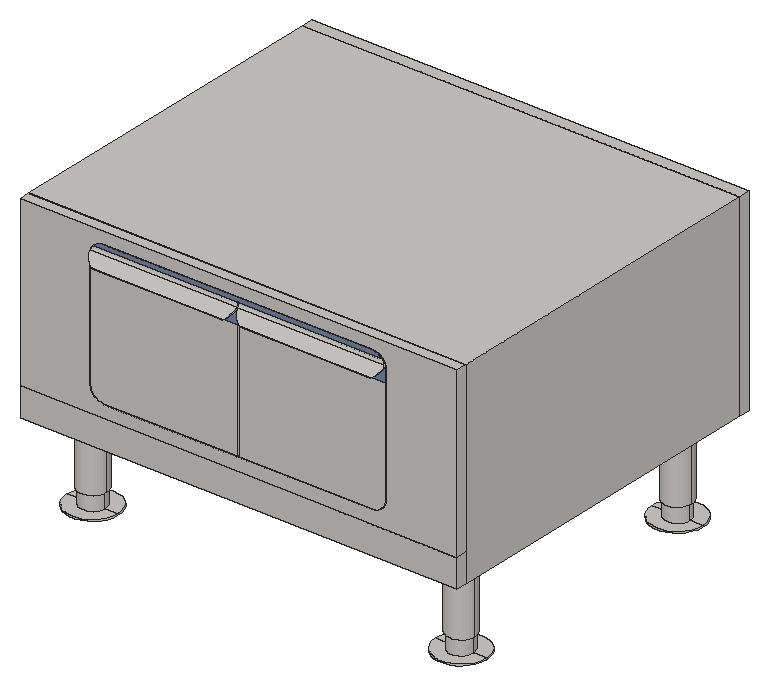
Revit family "QF_ELECTROLUXPROFESSIONAL_589905_MC1JCAJOOM", category Attrezzature speciali, Revit 2021
Family settings
  Quota connettore circolare = Usa diametro
  Tipo di parte = Normale
  Basato su piano di lavoro = No
  Sempre verticale = Sì
  Taglio con vuoti quando caricato = No
  Condiviso = No
  Punto di calcolo locali = No
Parameters (values of type "Standard")
  Weight = 32.00 kg
  Watts = 0 W
  Volts = 0 V
  URL Manufacturer = "https://www.electroluxprofessional.com/"
  URL = "https://www.electroluxprofessional.com/"
  Steam Supply Size = 0"
  Steam Supply Minimum Pressure = 0.00 psi
  Steam Supply Maximum Pressure = 0.00 psi
  Steam Consumption per Hour = 0
  Refrigeration Suction Line Size = 0 mm
  Refrigeration Liquid Line Size = 0 mm
  Refrigerant Compressor Remote = yes
  Prospetto di default = 0 mm
  Phase = 0
  Modello = "MC1JCAJOOM"
  Produttore = "Electrolux Professional"
  Length Actual = 1000 mm  # constant formula
  Item Number = "589905"
  Hot Water Size = 0"
  Height Actual = 450 mm  # constant formula
  HP = "0 HP"
  Gas Size = 0"
  Gas KW = 0
  Gas Input Pressure = 0.0 Btu/h
  Direct Waste Size = 0"
  Descrizione = "CUPBOARD BASE, H3, GN, 2DR, 1SIDE, MARINE FEET, 1000X900X450H"
  Depth Actual = 900 mm  # constant formula
  Cycle = 0 Hz
  Condensate Return Size = 0"
  Compressed Air Volume = 0 GPM
  Compressed Air Size = 0"
  Compressed Air Pressure = 0.00 psi
  Cold Water Size = 0"
  Accessory = yes
Reference planes
  plane 1 "BACK": y = 0
  plane 2: z = 0
  plane 3 "LEFT": x = -300
  plane 4 "RIGHT": x = 700
  plane 5 "FRONT": y = -900
  plane 6 "PLAIN": z = 900
  plane 7 "Center (Left/Right)": x = 200
  plane 8 "Center (Front/Back)": y = -450
  plane 9 "TOP": z = 650
  plane 10 "BASE": z = 200
  plane 11: x = 622
  plane 12: x = -222
  plane 13 "Feet_back": y = -150
  plane 14 "Feet_Front": y = -770
  plane 15: x = -140
  plane 16: x = 540
  plane 17: z = 265
  plane 18: y = -45
  plane 19: y = -855
  plane 20: y = -70
  plane 21: y = -880
  plane 22 "ButtonZ": z = 590
  plane 23: z = 427
Forms (mm)
  Extrusion 1, solid, material "QF_Finishes_Stainless Steel"
    sketch origin (-300, 0, 650) x (0, 1, 0) y (0, 0, 1)
      loop
        line (-70, -450) -> (-70, 0) -> (-855, 0) -> (-855, -450) -> (-70, -450)
    from 0 to 1000
  Extrusion 2, solid, material "QF_Finishes_Stainless Steel"
    sketch origin (-300, 0, 650) x (0, 1, 0) y (0, 0, 1)
      loop
        line (-880, -450) -> (-855, -450) -> (-855, -385) -> (-880, -385) -> (-880, -450)
    from 0 to 1000
  Extrusion 3, void
    sketch origin (0, -900, 0) x (1, 0, 0) y (0, 0, 1)
      loop
        line (-140, 593) -> (-140, 327)
        arc (-140, 327) -> (-130.627, 304.373) -> (-108, 295) r 32
        line (-108, 295) -> (508, 295)
        arc (508, 295) -> (530.627, 304.373) -> (540, 327) r 32
        line (540, 327) -> (540, 593)
        arc (540, 593) -> (530.627, 615.627) -> (508, 625) r 32
        line (508, 625) -> (-108, 625)
        arc (-108, 625) -> (-130.627, 615.627) -> (-140, 593) r 32
    from 0 to -830
  Revolve 4, solid, material "QF_Finishes_Stainless Steel"
    sketch origin (396, -770, 0) x (-1, 0, 0) y (0, 0, 1)
      loop
        line (650, 38) -> (650, 200) -> (618, 200) -> (618, 0) -> (676.5, 0) -> (676.5, 3) -> (646, 3) -> (646, 38) -> (650, 38)
      axis (618, 200) -> (618, 0)
    angle from 0 to 360
  Revolve 5, solid, material "QF_Finishes_Stainless Steel"
    sketch origin (640, -770, 0) x (-1, 0, 0) y (0, 0, 1)
      loop
        line (50, 38) -> (50, 200) -> (18, 200) -> (18, 0) -> (76.5, 0) -> (76.5, 3) -> (46, 3) -> (46, 38) -> (50, 38)
      axis (18, 200) -> (18, 0)
    angle from 0 to 360
  Revolve 6, solid, material "QF_Finishes_Stainless Steel"
    sketch origin (396, -150, 0) x (-1, 0, 0) y (0, 0, 1)
      loop
        line (650, 38) -> (650, 200) -> (618, 200) -> (618, 0) -> (676.5, 0) -> (676.5, 3) -> (646, 3) -> (646, 38) -> (650, 38)
      axis (618, 200) -> (618, 0)
    angle from 0 to 360
  Revolve 7, solid, material "QF_Finishes_Stainless Steel"
    sketch origin (640, -150, 0) x (-1, 0, 0) y (0, 0, 1)
      loop
        line (50, 38) -> (50, 200) -> (18, 200) -> (18, 0) -> (76.5, 0) -> (76.5, 3) -> (46, 3) -> (46, 38) -> (50, 38)
      axis (18, 200) -> (18, 0)
    angle from 0 to 360
  Extrusion 8, solid, material "QF_Finishes_Stainless Steel"
    sketch origin (0, -900, 0) x (1, 0, 0) y (0, 0, 1)
      loop
        line (-300, 650) -> (-300, 265) -> (700, 265) -> (700, 650) -> (-300, 650)
      loop
        arc (540, 593) -> (530.627, 615.627) -> (508, 625) r 32
        line (508, 625) -> (-108, 625)
        arc (-108, 625) -> (-130.627, 615.627) -> (-140, 593) r 32
        line (-140, 593) -> (-140, 327)
        arc (-140, 327) -> (-130.627, 304.373) -> (-108, 295) r 32
        line (-108, 295) -> (508, 295)
        arc (508, 295) -> (530.627, 304.373) -> (540, 327) r 32
        line (540, 327) -> (540, 593)
    from -45 to -20
  Extrusion 9, solid, material "QF_Finishes_Stainless Steel"
    sketch origin (0, 0, 0) x (1, 0, 0) y (0, 0, 1)
      loop
        line (-300, 650) -> (-300, 200) -> (700, 200) -> (700, 650) -> (-300, 650)
    from 45 to 70
  Extrusion 10, solid, material "QF_Finishes_Stainless Steel"
    sketch origin (0, -450, 0) x (-1, 0, 0) y (0, 0, 1)
      loop
        line (140, 450) -> (-540, 450) -> (-540, 427) -> (140, 427) -> (140, 450)
    from -405 to 380
Cuts and joins
  Extrusion 3 cuts Extrusion 1
Lines and regions (mm)
  symbolic lines, style "SpecialityEquipmentHiddenLines"
    curve 1: line (-300, 0, 0) -> (700, 0, 0)
    curve 2: line (-300, -900, 0) -> (-300, 0, 0)
    curve 3: line (700, -900, 0) -> (-300, -900, 0)
    curve 4: line (700, 0, 0) -> (700, -900, 0)
Dimensions and locks
  plane 3 "LEFT" to plane 4 "RIGHT" = 1000 mm
  plane 5 "FRONT" to plane 1 "BACK" = 900 mm
  equal spacing: plane 3 "LEFT", plane 7 "Center (Left/Right)", plane 4 "RIGHT"
  equal spacing: plane 5 "FRONT", plane 8 "Center (Front/Back)", plane 1 "BACK"
  plane 6 "PLAIN" to plane 9 "TOP" = 250 mm
  plane 10 "BASE" to level = 200 mm
  plane 9 "TOP" to plane 10 "BASE" = 450 mm
  locked: plane 1 "BACK" to plane 13 "Feet_back" at 150
  locked: plane 14 "Feet_Front" to plane 5 "FRONT" at 130
  locked: plane 12 to plane 3 "LEFT" at 78
  locked: plane 11 to plane 4 "RIGHT" at 78
  plane 16 to plane 15 = 680 mm
  locked: plane 17 to plane 10 "BASE" at 65
  locked: plane 1 "BACK" to plane 18 at 45
  plane 6 "PLAIN" to level = 900 mm
  locked: plane 18 to plane 20 at 25
  locked: plane 21 to plane 5 "FRONT" at 20
  locked: plane 19 to plane 21 at 25
  plane 18 to plane 21 = 835 mm
  plane 22 "ButtonZ" to level = 590 mm
  plane 11 to plane 12 = 844 mm
  plane 23 to plane 17 = 162 mm
  aligned and locked: level to plane 2
  aligned and locked: Extrusion 1 to plane 4 "RIGHT"
  aligned and locked: Extrusion 1 to plane 3 "LEFT"
  aligned and locked: Extrusion 2 to plane 4 "RIGHT"
  aligned and locked: Extrusion 3 sketch curve to plane 15
  aligned and locked: plane 16 to Extrusion 3 sketch curve
  aligned and locked: Extrusion 2 to plane 10 "BASE"
  aligned and locked: Extrusion 2 to plane 17
  aligned and locked: cut or joined group of Extrusion 1, Extrusion 3 to plane 20
  aligned and locked: Extrusion 2 to plane 19
  aligned and locked: plane 21 to Extrusion 2
Automatic sketch dimensions
  curve 3 to plane 3 "LEFT" = 0 mm
  curve 3 to plane 4 "RIGHT" = 0 mm
  plane 5 "FRONT" to curve 3 = 0 mm
  plane 1 "BACK" to curve 2 = 0 mm
  Extrusion 1 sketch curve to plane 10 "BASE" = 0 mm
  Extrusion 1 sketch curve to plane 19 = 0 mm
  Extrusion 1 sketch curve to plane 20 = 0 mm
  Extrusion 1 sketch curve to plane 9 "TOP" = 0 mm
  plane 17 to Extrusion 2 sketch curve = 0 mm
  Extrusion 2 sketch curve to plane 21 = 0 mm
  Extrusion 2 sketch curve to plane 10 "BASE" = 0 mm
  Extrusion 2 sketch curve to plane 19 = 0 mm
  Revolve 4 sketch curve to plane 12 = 0 mm  (x2)
  Revolve 4 sketch curve to level = 0 mm
  Revolve 4 sketch curve to plane 10 "BASE" = 0 mm
  Revolve 4 sketch curve to plane 12 = 28 mm
  Revolve 4 sketch curve to Revolve 4 sketch curve = 32 mm
  plane 3 "LEFT" to Revolve 4 sketch curve = 19.5 mm
  level to Revolve 4 sketch curve = 3 mm
  Revolve 4 sketch curve to Revolve 4 sketch curve = 35 mm
  Revolve 4 sketch curve to Revolve 4 sketch curve = 130 mm
  Revolve 4 sketch curve to plane 17 = 115 mm
  Revolve 5 sketch curve to plane 11 = 0 mm  (x2)
  Revolve 5 sketch curve to level = 0 mm
  Revolve 5 sketch curve to plane 10 "BASE" = 0 mm
  Revolve 5 sketch curve to plane 11 = 28 mm
  Revolve 5 sketch curve to Revolve 5 sketch curve = 32 mm
  Revolve 5 sketch curve to Revolve 5 sketch curve = 30.5 mm
  level to Revolve 5 sketch curve = 3 mm
  Revolve 5 sketch curve to Revolve 5 sketch curve = 35 mm
  Revolve 5 sketch curve to Revolve 5 sketch curve = 130 mm
  Revolve 5 sketch curve to plane 17 = 115 mm
  Revolve 6 sketch curve to plane 12 = 0 mm  (x2)
  Revolve 6 sketch curve to level = 0 mm
  Revolve 6 sketch curve to plane 10 "BASE" = 0 mm
  Revolve 6 sketch curve to plane 12 = 28 mm
  Revolve 6 sketch curve to Revolve 6 sketch curve = 32 mm
  plane 3 "LEFT" to Revolve 6 sketch curve = 19.5 mm
  level to Revolve 6 sketch curve = 3 mm
  Revolve 6 sketch curve to Revolve 6 sketch curve = 35 mm
  Revolve 6 sketch curve to Revolve 6 sketch curve = 130 mm
  Revolve 6 sketch curve to plane 17 = 115 mm
  Revolve 7 sketch curve to plane 11 = 0 mm  (x2)
  Revolve 7 sketch curve to level = 0 mm
  Revolve 7 sketch curve to plane 10 "BASE" = 0 mm
  Revolve 7 sketch curve to plane 11 = 28 mm
  Revolve 7 sketch curve to Revolve 7 sketch curve = 32 mm
  Revolve 7 sketch curve to Revolve 7 sketch curve = 30.5 mm
  level to Revolve 7 sketch curve = 3 mm
  Revolve 7 sketch curve to Revolve 7 sketch curve = 35 mm
  Revolve 7 sketch curve to Revolve 7 sketch curve = 130 mm
  Revolve 7 sketch curve to plane 17 = 115 mm
  Extrusion 9 sketch curve to plane 3 "LEFT" = 0 mm
  plane 4 "RIGHT" to Extrusion 9 sketch curve = 0 mm
  Extrusion 9 sketch curve to plane 10 "BASE" = 0 mm
  Extrusion 9 sketch curve to plane 9 "TOP" = 0 mm
  Extrusion 8 sketch curve to plane 3 "LEFT" = 0 mm
  Extrusion 8 sketch curve to plane 15 = 0 mm
  Extrusion 8 sketch curve to plane 17 = 0 mm
  plane 15 to Extrusion 8 sketch curve = 32 mm  (x2)
  plane 22 "ButtonZ" to Extrusion 8 sketch curve = 3 mm
  Extrusion 8 sketch curve to plane 16 = 32 mm  (x2)
  Extrusion 8 sketch curve to plane 17 = 30 mm
  plane 4 "RIGHT" to Extrusion 8 sketch curve = 0 mm
  Extrusion 8 sketch curve to plane 9 "TOP" = 0 mm
  Extrusion 8 sketch curve to plane 16 = 0 mm
  Extrusion 3 sketch curve to Extrusion 3 sketch curve = 32 mm
  plane 22 "ButtonZ" to Extrusion 3 sketch curve = 3 mm
  plane 15 to Extrusion 3 sketch curve = 32 mm
  Extrusion 3 sketch curve to plane 16 = 32 mm  (x2)
  Extrusion 3 sketch curve to plane 17 = 62 mm
  Extrusion 10 sketch curve to plane 16 = 0 mm
  Extrusion 10 sketch curve to plane 23 = 0 mm
  Extrusion 10 sketch curve to plane 15 = 0 mm
  plane 23 to Extrusion 10 sketch curve = 23 mm
Nested families
  nested 1: "H450H2_2DOORS" at (163.958, -855, 198) x (1, 0, 0) z (0, -1, 0), type "H450H2_2DOORS"
    with Width 680 mm, Show Clearance yes
Definition of nested family "H450H2_2DOORS"
  Parameters (values of type "H450H2_2DOORS")
    Width [instance] = 680 mm
    Show Clearance [instance] = yes
    Model = "727995"
    Height = 450 mm
    Default Elevation = 0 mm
  Reference planes
    plane 1 "Center (Front/Back)": y = 0
    plane 2: z = 0
    plane 3 "Center (Left/Right)": x = 36.042
    plane 4 "panel": z = 25
    plane 5: x = -303.958
    plane 6: x = 376.042
    plane 7: y = 450
    plane 8: z = 340
    plane 9: z = 45
    plane 10: x = -278.958
    plane 11: x = 351.042
  Forms (mm)
    Extrusion 1, solid
      sketch origin (0, -919.2, 0) x (1, 0, 0) y (0, 1, 0)
        loop
          line (-980.5, 2119.2) -> (-980.5, -162.846) -> (881.94, -162.846) -> (881.94, 2119.2) -> (-980.5, 2119.2)
      from 0 to -59.546
    Extrusion 2, solid
      sketch origin (0, 0, 0) x (1, 0, 0) y (0, 1, 0)
        loop
          arc (-301.958, 129) -> (-293.171, 107.787) -> (-271.958, 99) r 30
          line (-271.958, 99) -> (33.986, 99) -> (33.986, 368) -> (-301.958, 368) -> (-301.958, 129)
      from 0 to 25
    Extrusion 3, solid
      sketch origin (0, 0, 0) x (1, 0, 0) y (0, 1, 0)
        loop
          line (-301.958, 368) -> (374.042, 368) -> (374.042, 425) -> (-301.958, 425) -> (-301.958, 368)
      from 0 to 25
    Extrusion 4, solid
      sketch origin (36.042, -25, 0) x (0, 1, 0) y (0, 0, 1)
        loop
          line (426.693, 25) -> (440.02, 25)
          arc (440.02, 25) -> (435.261, 25.775) -> (430.993, 28.02) r 15
          line (430.993, 28.02) -> (406.653, 46.362) -> (403.644, 42.369) -> (426.693, 25)
      from -338 to 338
    Extrusion 5, void
      sketch origin (72.084, -25, 0) x (-1, 0, 0) y (0, -1, 0)
        loop
          line (374.042, -450) -> (374.042, -403.644) -> (350.317, -403.644)
          arc (350.317, -403.644) -> (364.048, -412.332) -> (373.528, -425.53) r 42.603
          arc (373.528, -425.53) -> (363.201, -443.086) -> (344.042, -450) r 30
          line (344.042, -450) -> (374.042, -450)
      from 25 to 47.9
    Extrusion 6, solid, detail levels coarse
      sketch origin (0, 0, 0) x (1, 0, 0) y (0, 0, 1)
        loop
          line (-303.958, 340) -> (-303.958, 46.362) -> (33.793, 46.362)
          arc (33.793, 46.362) -> (-70.607, 248.54) -> (-278.958, 340) r 340.918
          line (-278.958, 340) -> (-303.958, 340)
        loop
          line (376.042, 340) -> (351.042, 340)
          arc (351.042, 340) -> (142.691, 248.54) -> (38.291, 46.362) r 340.918
          line (38.291, 46.362) -> (376.042, 46.362) -> (376.042, 340)
      from -425 to -99
    Extrusion 7, void
      sketch origin (72.084, -25, 0) x (-1, 0, 0) y (0, -1, 0)
        loop
          line (374.042, -450) -> (374.042, -420)
          arc (374.042, -420) -> (365.255, -441.213) -> (344.042, -450) r 30
          line (344.042, -450) -> (374.042, -450)
      from 25 to -5.351
    Extrusion 8, void
      sketch origin (0, -25, 0) x (1, 0, 0) y (0, 1, 0)
        loop
          line (374.042, 450) -> (344.042, 450)
          arc (344.042, 450) -> (365.255, 441.213) -> (374.042, 420) r 30
          line (374.042, 420) -> (374.042, 450)
      from 25 to -5.351
    Extrusion 9, void
      sketch origin (0, -25, 0) x (1, 0, 0) y (0, 1, 0)
        loop
          line (374.042, 450) -> (344.042, 450)
          arc (344.042, 450) -> (363.201, 443.086) -> (373.528, 425.53) r 30
          arc (373.528, 425.53) -> (364.048, 412.332) -> (350.317, 403.644) r 42.603
          line (350.317, 403.644) -> (374.042, 403.644) -> (374.042, 450)
      from 25 to 46.362
    Extrusion 10, solid
      sketch origin (0, 0, 0) x (1, 0, 0) y (0, 1, 0)
        loop
          line (38.098, 99) -> (344.042, 99)
          arc (344.042, 99) -> (365.255, 107.787) -> (374.042, 129) r 30
          line (374.042, 129) -> (374.042, 368) -> (38.098, 368) -> (38.098, 99)
      from 0 to 25
    Extrusion 11, void
      sketch origin (-310.056, -25, 0) x (1, 0, 0) y (0, 1, 0)
        loop
          arc (371.879, 403.644) -> (356.649, 413.817) -> (347.098, 429.444) r 42.603
          line (347.098, 429.444) -> (347.098, 440.02) -> (345.098, 440.02) -> (345.098, 429.444)
          arc (345.098, 429.444) -> (335.547, 413.817) -> (320.317, 403.644) r 42.603
          line (320.317, 403.644) -> (371.879, 403.644)
      from 25 to 46.362
  Cuts and joins
    Extrusion 5, Extrusion 7, Extrusion 9, Extrusion 11 cuts Extrusion 4
    Extrusion 7, Extrusion 8, Extrusion 9, Extrusion 11 cuts Extrusion 3
    Extrusion 7, Extrusion 8, Extrusion 9, Extrusion 11 cuts Extrusion 6
  Lines and regions (mm)
    symbolic lines
      curve 1: line (-303.958, 0, 340) -> (-303.958, 0, 45)
      curve 2: arc (33.977, 0, 45) -> (-70.106, 0, 248.069) -> (-278.958, 0, 340) r 340.918
      curve 3: line (-278.958, 0, 45) -> (-278.958, 0, 340)
      curve 4: line (-278.958, 0, 340) -> (-303.958, 0, 340)
      curve 5: arc (351.042, 0, 340) -> (142.19, 0, 248.069) -> (38.107, 0, 45) r 340.918
      curve 6: line (376.042, 0, 45) -> (376.042, 0, 340)
      curve 7: line (376.042, 0, 340) -> (351.042, 0, 340)
      curve 8: line (351.042, 0, 45) -> (351.042, 0, 340)
  Dimensions and locks
    plane 4 "panel" to level = 25 mm
    "Width": plane 5 to plane 6
    equal spacing: plane 5, plane 3 "Center (Left/Right)", plane 6
    "Height": plane 1 "Center (Front/Back)" to plane 7
    locked: plane 5 to Extrusion 2 sketch curve at 2
    plane 1 "Center (Front/Back)" to Extrusion 2 sketch curve = 99 mm
    plane 7 to Extrusion 2 sketch curve = 82 mm
    Extrusion 3 sketch curve to Extrusion 2 = 57 mm
    locked: plane 10 to plane 5 at 25
    Extrusion 1 to plane 8 = 340 mm
    plane 6 to plane 11 = 25 mm
    aligned and locked: plane 2 to Extrusion 1
    aligned and locked: level to Extrusion 1
    aligned and locked: plane 4 "panel" to Extrusion 2
    aligned and locked: plane 4 "panel" to Extrusion 3
    aligned and locked: Extrusion 3 to Extrusion 4  (x2)
    aligned and locked: Extrusion 3 to Extrusion 2
    aligned and locked: cut or joined group of Extrusion 4, Extrusion 5, Extrusion 7, Extrusion 9, Extrusion 11 to plane 4 "panel"
    aligned and locked: plane 5 to Extrusion 6 sketch curve
  Automatic sketch dimensions
    curve 1 to plane 5 = 0 mm
    curve 2 to level = 0 mm
    curve 2 to plane 5 = 0 mm
    curve 2 to plane 8 = 0 mm
    plane 10 to curve 2 = 0 mm
    curve 2 to plane 9 = 0 mm
    curve 5 to plane 9 = 0 mm
    curve 5 to plane 8 = 0 mm
    plane 11 to curve 5 = 0 mm
    curve 6 to plane 6 = 0 mm
    curve 5 to level = 0 mm
    curve 5 to plane 6 = 0 mm
    curve 1 to plane 9 = 0 mm
    curve 6 to plane 9 = 0 mm
    curve 3 to plane 9 = 0 mm
    curve 8 to plane 9 = 0 mm
    Extrusion 1 sketch curve to Extrusion 1 sketch curve = 1862.44 mm
    Extrusion 1 sketch curve to Extrusion 1 sketch curve = 2282.046 mm
    Extrusion 2 sketch curve to plane 10 = 7 mm
    Extrusion 2 sketch curve to plane 3 "Center (Left/Right)" = 2.056 mm
    plane 5 to Extrusion 3 sketch curve = 2 mm
    Extrusion 3 sketch curve to plane 6 = 2 mm
    Extrusion 3 sketch curve to Extrusion 3 sketch curve = 57 mm
    Extrusion 4 sketch curve to plane 4 "panel" = 0 mm
    Extrusion 4 sketch curve to plane 9 = 2.631 mm
    Extrusion 4 sketch curve to plane 7 = 71.356 mm
    plane 9 to Extrusion 4 sketch curve = 1.362 mm
    Extrusion 4 sketch curve to Extrusion 4 sketch curve = 3.009 mm
    plane 4 "panel" to Extrusion 4 sketch curve = 3.02 mm
    Extrusion 4 sketch curve to Extrusion 4 sketch curve = 9.027 mm
    plane 10 to Extrusion 5 sketch curve = 16.221 mm
    plane 10 to Extrusion 5 sketch curve = 7 mm
    plane 10 to Extrusion 5 sketch curve = 0.725 mm
    Extrusion 5 sketch curve to plane 5 = 2 mm
    plane 7 to Extrusion 5 sketch curve = 71.356 mm
    Extrusion 5 sketch curve to Extrusion 5 sketch curve = 16.356 mm
    Extrusion 5 sketch curve to Extrusion 5 sketch curve = 23.329 mm
    plane 7 to Extrusion 5 sketch curve = 25 mm
    plane 10 to Extrusion 7 sketch curve = 7 mm
    Extrusion 7 sketch curve to plane 5 = 2 mm
    plane 7 to Extrusion 7 sketch curve = 55 mm
    Extrusion 7 sketch curve to Extrusion 7 sketch curve = 0 mm
    plane 7 to Extrusion 7 sketch curve = 25 mm
    plane 11 to Extrusion 8 sketch curve = 7 mm
    Extrusion 8 sketch curve to plane 6 = 2 mm
    Extrusion 8 sketch curve to plane 7 = 55 mm
    Extrusion 8 sketch curve to plane 7 = 25 mm
    Extrusion 8 sketch curve to Extrusion 8 sketch curve = 0 mm
    plane 11 to Extrusion 9 sketch curve = 16.221 mm
    plane 11 to Extrusion 9 sketch curve = 7 mm
    plane 11 to Extrusion 9 sketch curve = 0.725 mm
    Extrusion 9 sketch curve to plane 6 = 2 mm
    Extrusion 9 sketch curve to plane 7 = 71.356 mm
    Extrusion 9 sketch curve to Extrusion 9 sketch curve = 16.356 mm
    Extrusion 9 sketch curve to Extrusion 9 sketch curve = 23.329 mm
    Extrusion 9 sketch curve to plane 7 = 25 mm
    plane 3 "Center (Left/Right)" to Extrusion 10 sketch curve = 2.056 mm
    plane 11 to Extrusion 10 sketch curve = 7 mm
    Extrusion 10 sketch curve to plane 6 = 2 mm
    Extrusion 10 sketch curve to plane 1 "Center (Front/Back)" = 99 mm
    Extrusion 10 sketch curve to plane 7 = 82 mm
    Extrusion 11 sketch curve to plane 3 "Center (Left/Right)" = 41.277 mm
    Extrusion 11 sketch curve to plane 3 "Center (Left/Right)" = 25.781 mm
    Extrusion 11 sketch curve to plane 3 "Center (Left/Right)" = 1 mm
    plane 3 "Center (Left/Right)" to Extrusion 11 sketch curve = 1 mm
    plane 3 "Center (Left/Right)" to Extrusion 11 sketch curve = 25.781 mm
    Extrusion 11 sketch curve to Extrusion 11 sketch curve = 40.277 mm
    Extrusion 11 sketch curve to plane 7 = 71.356 mm
    Extrusion 11 sketch curve to Extrusion 11 sketch curve = 25.8 mm
    Extrusion 11 sketch curve to Extrusion 11 sketch curve = 0 mm
    Extrusion 11 sketch curve to Extrusion 11 sketch curve = 10.577 mm
    Extrusion 6 sketch curve to level = 0 mm  (x2)
    Extrusion 6 sketch curve to plane 5 = 0 mm
    Extrusion 6 sketch curve to plane 8 = 0 mm  (x2)
    plane 10 to Extrusion 6 sketch curve = 0 mm
    plane 11 to Extrusion 6 sketch curve = 0 mm
    Extrusion 6 sketch curve to plane 6 = 0 mm  (x2)
    plane 9 to Extrusion 6 sketch curve = 1.362 mm  (x2)
